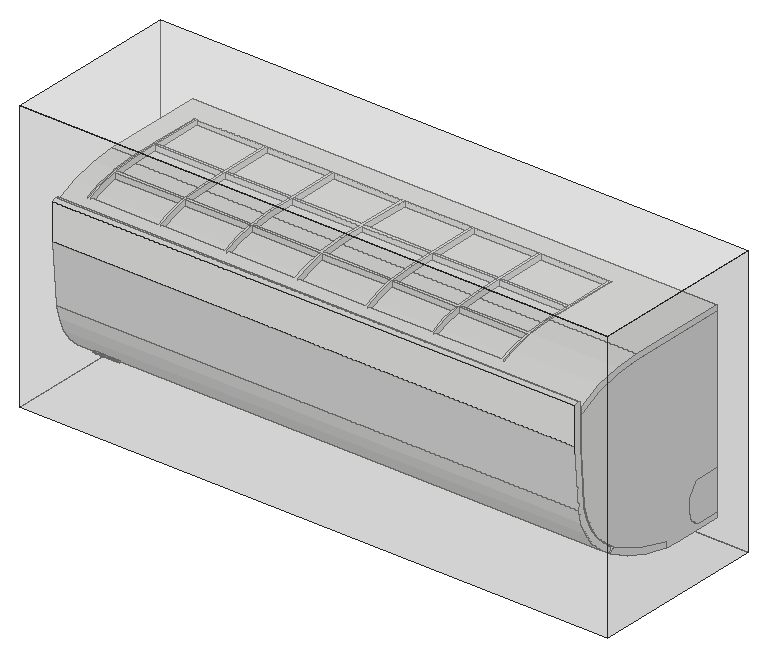
Revit family "outputfile", category 機械設備, Revit 2024
Family settings
  丸型コネクタ寸法 = 半径を使用
  パーツ タイプ = 標準
  OmniClass 番号 = 23.75.10.24.21.27.27
  OmniClass タイトル = Split System Air Conditioning Units
  作業面ベース = いいえ
  常に垂直 = はい
  ロード時にボイドで切り取り = いいえ
  注釈の向きを維持 = いいえ
  共有 = いいえ
  部屋計算ポイント = いいえ
Parameters (values of type "FXAQ32AVMS")
  Description = ""
  製造元 = "Daikin"
  書き出し IFC クラス(タイプ) = "IfcUnitaryEquipmentType"
  定義済み IFC タイプ(タイプ) = "AIRCONDITIONINGUNIT"
  Cost = 0
  モデル = "FXAQ32AVMS"
  Type Comments = ""
  Keynote = ""
  Type Image = (empty or 0)
  Assembly Code = ""
  w3_Indoor air flow = if(Width = 1050.0 mm, 109.0 mm, 1.0 mm)  # 1.0 mm
  w2_Indoor air flow = if(Width = 1050.0 mm, 103.0 mm, 98.0 mm)  # 98.0 mm
  w1_Indoor air flow = if(Width = 1050.0 mm, 108.0 mm, 103.0 mm)  # 103.0 mm
  r_Liquid Pipe Size = Liquid Pipe Size / 2  # 3.2 mm
  r_Gas Pipe Size = Gas Pipe Size / 2  # 6.35 mm
  r_Drain Pipe Size = Drain Pipe Size / 2  # 7.5 mm
  lw_powersupply [instance] = if(Width = 795.0 mm, if(or(Rear Right Connection_refrigerant, Bottom Right Connection_refrigerant), 83.0 mm, if(or(Rear Left Connection_refrigerant, Bottom Left Connection_refrigerant), 740.0 mm, 400.0 mm)), if(Width = 1050.0 mm, if(or(Rear Right Connection_refrigerant, Bottom Right Connection_refrigerant), 83.0 mm, if(or(Rear Left Connection_refrigerant, Bottom Left Connection_refrigerant), 712.0 mm + (1050.0 mm - 795.0 mm), 400.0 mm)), if(or(Rear Right Connection_refrigerant, Bottom Right Connection_refrigerant), 83.0 mm, if(or(Rear Left Connection_refrigerant, Bottom Left Connection_refrigerant), 712.0 mm, 400.0 mm))))  # 400.0 mm
  lw_liquidpipe [instance] = if(Width = 795.0 mm, if(or(Rear Right Connection_refrigerant, Bottom Right Connection_refrigerant), 0.0 mm, if(or(Rear Left Connection_refrigerant, Bottom Left Connection_refrigerant), 627.0 mm, 460.0 mm)), if(Width = 1050.0 mm, if(or(Rear Right Connection_refrigerant, Bottom Right Connection_refrigerant), 0.0 mm, if(or(Rear Left Connection_refrigerant, Bottom Left Connection_refrigerant), 627.0 mm + (1050.0 mm - 795.0 mm), 460.0 mm)), if(or(Rear Right Connection_refrigerant, Bottom Right Connection_refrigerant), 0.0 mm, if(or(Rear Left Connection_refrigerant, Bottom Left Connection_refrigerant), 627.0 mm, 460.0 mm))))  # 460.0 mm
  lw_gaspipe [instance] = if(Width = 795.0 mm, if(or(Rear Right Connection_refrigerant, Bottom Right Connection_refrigerant), 0.0 mm, if(or(Rear Left Connection_refrigerant, Bottom Left Connection_refrigerant), 620.0 mm, 415.0 mm)), if(Width = 1050.0 mm, if(or(Rear Right Connection_refrigerant, Bottom Right Connection_refrigerant), 0.0 mm, if(or(Rear Left Connection_refrigerant, Bottom Left Connection_refrigerant), 620.0 mm + (1050.0 mm - 795.0 mm), 415.0 mm)), if(or(Rear Right Connection_refrigerant, Bottom Right Connection_refrigerant), 0.0 mm, if(or(Rear Left Connection_refrigerant, Bottom Left Connection_refrigerant), 620.0 mm, 415.0 mm))))  # 415.0 mm
  lw_drainpipe [instance] = if(Width = 795.0 mm, if(or(Rear Right Connection_refrigerant, Bottom Right Connection_refrigerant), 0.0 mm, if(or(Rear Left Connection_refrigerant, Bottom Left Connection_refrigerant), 655.0 mm, 475.0 mm)), if(Width = 1050.0 mm, if(or(Rear Right Connection_refrigerant, Bottom Right Connection_refrigerant), 0.0 mm, if(or(Rear Left Connection_refrigerant, Bottom Left Connection_refrigerant), 655.0 mm + (1050.0 mm - 795.0 mm), 475.0 mm)), if(or(Rear Right Connection_refrigerant, Bottom Right Connection_refrigerant), 0.0 mm, if(or(Rear Left Connection_refrigerant, Bottom Left Connection_refrigerant), 655.0 mm, 475.0 mm))))  # 475.0 mm
  l_powersupply_length [instance] = if(Width = 795.0 mm, if(Right Connection_refrigerant, 400.0 mm, if(Left Connection_refrigerant, 395.0 mm, if(or(Rear Left Connection_refrigerant, Rear Right Connection_refrigerant), 15.0 mm, 50.0 mm))), if(Width = 1050.0 mm, if(Right Connection_refrigerant, 400.0 mm, if(Left Connection_refrigerant, 395.0 mm + (1050.0 mm - 795.0 mm), if(or(Rear Left Connection_refrigerant, Rear Right Connection_refrigerant), 15.0 mm, 50.0 mm))), if(Right Connection_refrigerant, 400.0 mm, if(Left Connection_refrigerant, 395.0 mm, if(or(Rear Left Connection_refrigerant, Rear Right Connection_refrigerant), 15.0 mm, 50.0 mm)))))  # 400.0 mm
  l_liquidpipe_length [instance] = if(Width = 795.0 mm, if(Right Connection_refrigerant, 558.0 mm, if(Left Connection_refrigerant, 237.0 mm, if(or(Rear Left Connection_refrigerant, Rear Right Connection_refrigerant), 30.0 mm, 40.0 mm))), if(Width = 1050.0 mm, if(Right Connection_refrigerant, 558.0 mm, if(Left Connection_refrigerant, 237.0 mm + (1050.0 mm - 795.0 mm), if(or(Rear Left Connection_refrigerant, Rear Right Connection_refrigerant), 30.0 mm, 40.0 mm))), if(Right Connection_refrigerant, 558.0 mm, if(Left Connection_refrigerant, 237.0 mm, if(or(Rear Left Connection_refrigerant, Rear Right Connection_refrigerant), 30.0 mm, 40.0 mm)))))  # 558.0 mm
  l_gaspipe_length [instance] = if(Width = 795.0 mm, if(Right Connection_refrigerant, 513.0 mm, if(Left Connection_refrigerant, 282.0 mm, if(or(Rear Left Connection_refrigerant, Rear Right Connection_refrigerant), 40.0 mm, 50.0 mm))), if(Width = 1050.0 mm, if(Right Connection_refrigerant, 513.0 mm, if(Left Connection_refrigerant, 282.0 mm + (1050.0 mm - 795.0 mm), if(or(Rear Left Connection_refrigerant, Rear Right Connection_refrigerant), 40.0 mm, 50.0 mm))), if(Right Connection_refrigerant, 513.0 mm, if(Left Connection_refrigerant, 282.0 mm, if(or(Rear Left Connection_refrigerant, Rear Right Connection_refrigerant), 40.0 mm, 50.0 mm)))))  # 513.0 mm
  l_drainpipe_length [instance] = if(Width = 795.0 mm, if(Right Connection_refrigerant, 573.0 mm, if(Left Connection_refrigerant, 222.0 mm, if(or(Rear Left Connection_refrigerant, Rear Right Connection_refrigerant), 15.0 mm, 20.0 mm))), if(Width = 1050.0 mm, if(Right Connection_refrigerant, 573.0 mm, if(Left Connection_refrigerant, 222.0 mm + (1050.0 mm - 795.0 mm), if(or(Rear Left Connection_refrigerant, Rear Right Connection_refrigerant), 15.0 mm, 20.0 mm))), if(Right Connection_refrigerant, 573.0 mm, if(Left Connection_refrigerant, 477.0 mm, if(or(Rear Left Connection_refrigerant, Rear Right Connection_refrigerant), 15.0 mm, 20.0 mm)))))  # 573.0 mm
  h*** = 0.0 mm  # constant formula
  d1_Indoor air flow = if(Width = 1050.0 mm, 38.0 mm, 35.0 mm)  # 35.0 mm
  angle_vertical [instance] = if(or(Bottom Left Connection_refrigerant, Bottom Right Connection_refrigerant), 0.00°, 90.00°)  # 90.00°
  angle_horizontal [instance] = if(Right Connection_refrigerant, 90.00°, if(Left Connection_refrigerant, -90.00°, if(or(Rear Left Connection_refrigerant, Rear Right Connection_refrigerant), 180.00°, 0.00°)))  # 90.00°
  Width = 795.0 mm
  Voltage_comment_50Hz = "220-240"
  Voltage_50Hz = 230 V
  Version = "ver.1.0"
  Unit Type = "Wall Mounted Type"
  Unit Mass Weight = 12.00 kg
  Unit Designation [instance] = ""
  Uniclass2015Version = "Products v1.30"
  Uniclass2015Title = "Variable refrigerant flow units"
  Uniclass2015Code = "Pr_70_65_03_94"
  URL = ""
  Total Heating Capacity [instance] = 0.000 kW
  Total Cooling Capacity [instance] = 0.000 kW
  Sound Pressure Level_M speed (dBA) = 0
  Sound Pressure Level_L speed (dBA) = 28.5
  Sound Pressure Level_H speed (dBA) = 37.5
  Sound Power Level_H speed (dB) = 0
  Series = "VRV Fan Coil Unit"
  Sensible Cooling Capacity [instance] = 0.000 kW
  Refrigerant Type = "R410A"
  Power Input (Heating) = 0.050 kW
  Power Input (Cooling) = 0.040 kW
  Phase_50Hz = 1
  Option Accessory 3 [instance] = ""
  Option Accessory 2 [instance] = ""
  Option Accessory 1 [instance] = ""
  Nominal Heating Capacity = 4.000 kW
  Nominal Cooling Capacity = 3.600 kW
  Minimum Circuit Amps_50Hz = 0.6 A
  Minimum Airflow = 420.00 m³/h
  Median Airflow = 0.00 m³/h
  Maximum Fuse Amps_50Hz = 15.0 A
  Maximum Airflow = 588.00 m³/h
  Material_Casing = DAIKIN_White_Casing_indoorunit
  Load Classification = HVAC
  Liquid Pipe Size = 6.4 mm
  Link_Nested Family [instance] = ""
  IfcVersion = "0"
  IfcExportType = "AIRCONDITIONINGUNIT"
  IfcExportAs = "IfcUnitaryEquipmentType"
  Height = 290.0 mm
  Heating Entering Wet Bulb Temperature [instance] = 0.00 °C
  Heating Entering Dry Bulb Temperature [instance] = 0.00 °C
  Heating Ambient Wet Bulb Temperature [instance] = 0.00 °C
  Heating Ambient Dry Bulb Temperature [instance] = 0.00 °C
  Heat Exchanger Type = "Cross Fin Coil"
  Gas Pipe Size = 12.7 mm
  Frequency_50Hz = 50 Hz
  Fan Type = "Cross Flow Fan"
  Fan Drive = "Direct Drive"
  FCU Tag No. [instance] = ""
  Drain Pipe Size = 15.0 mm
  Design Supply Airflow [instance] = 0.00 m³/h
  Depth = 266.0 mm
  既定の高さ = 0.0 mm
  Cooling Entering Wet Bulb Temperature [instance] = 0.00 °C
  Cooling Entering Dry Bulb Temperature [instance] = 0.00 °C
  Cooling Ambient Wet Bulb Temperature [instance] = 0.00 °C
  Cooling Ambient Dry Bulb Temperature [instance] = 0.00 °C
  Clearance visibility [instance] = yes
  Clearance Top = 90.0 mm
  Clearance Right = 50.0 mm
  Clearance Rear = 0.0 mm
  Clearance Left = 50.0 mm
  Clearance Front = 0.0 mm
  Clearance Bottom = 30.0 mm
  Bottom Right Connection_refrigerant [instance] = no
  Bottom Left Connection_refrigerant [instance] = no
  Rear Right Connection_refrigerant [instance] = no
  Rear Left Connection_refrigerant [instance] = no
  Right Connection_refrigerant [instance] = yes
  Left Connection_refrigerant [instance] = no
Reference planes
  plane 1 "Back": y = 0
  plane 2: z = 0
  plane 3 "Center (Left/Right)": x = 0
  plane 4 "Center (Front/Back)": y = -133
  plane 5 "Front": y = -266
  plane 6 "Left": x = -397.5
  plane 7 "Right": x = 397.5
  plane 8 "Top": z = 0
  plane 9 "Bottom": z = -290
  plane 10 "Front panel_Left": x = -395.5
  plane 11 "Front panel_Right": x = 395.5
  plane 12: x = 261.5
  plane 13: x = 256.5
  plane 14: x = -445.5
  plane 15: x = 445.5
  plane 16: y = 0
  plane 17: y = -266
  plane 18: z = 90
  plane 19: z = -320
  plane 20: y = -35
  plane 21: y = -111.5
  plane 22: y = -187.5
  plane 23: y = -237
  plane 24: y = -115
  plane 25: y = -191
  plane 26: x = -50
  plane 27: x = -52
  plane 28: x = -48
  plane 29: x = 55
  plane 30: x = -155
  plane 31: x = -158
  plane 32: x = 58
  plane 33: x = -256
  plane 34: x = 156
  plane 35: x = -259
  plane 36: x = 159
  plane 37: x = -362
  plane 38: x = 262
  plane 39: x = -365
  plane 40: x = 265
  plane 41: x = 266
  plane 42: x = -366
  plane 43 "lw_Piping and Wiring intake": x = 299.5
  plane 44 "lw_gaspipe": x = -115.5
  plane 45 "lw_liquidpipe": x = -160.5
  plane 46 "lw_drainpipe": x = -175.5
  plane 47 "lh_drainpipe": z = -270
  plane 48 "lh_liquidpipe": z = -250
  plane 49 "lh_gaspipe": z = -240
  plane 50 "ld_drainpipe": y = -15
  plane 51 "ld_liquidpipe": y = -30
  plane 52 "ld_gaspipe": y = -40
  plane 53 "lw_powersupply": x = -2.5
Forms (mm)
  Extrusion 1, solid, material "DAIKIN_White_Casing_indoorunit" <- "Material_Casing"
    sketch origin (0, 0, 0) x (0, 1, 0) y (0, 0, 1)
      loop
        line (0, 0) -> (-151.682, 0)
        arc (-151.682, 0) -> (-205.302, -6.828) -> (-255.5, -26.876) r 213.958
        line (-255.5, -26.876) -> (-255.5, -36.08)
        arc (-255.5, -36.08) -> (-205.456, -15.144) -> (-151.682, -8) r 205.958
        line (-151.682, -8) -> (0, -8) -> (0, 0)
    from -397.5 to 397.5
  Extrusion 2, solid, material "DAIKIN_White_Casing_indoorunit" <- "Material_Casing"
    sketch origin (0, 0, 0) x (0, 1, 0) y (0, 0, 1)
      loop
        arc (-151.682, -8) -> (-205.456, -15.144) -> (-255.5, -36.08) r 205.958
        line (-255.5, -36.08) -> (-255.5, -86.08)
        arc (-255.5, -86.08) -> (-253.87, -125.667) -> (-248.99, -164.986) r 481.435
        arc (-248.99, -164.986) -> (-230.945, -209.78) -> (-195.65, -242.741) r 111.486
        arc (-195.65, -242.741) -> (-147.09, -265.96) -> (-95.247, -280.433) r 310.126
        line (-95.247, -280.433) -> (-95.247, -288.232)
        arc (-95.247, -288.232) -> (-84.534, -289.557) -> (-73.748, -290) r 131.592
        line (-73.748, -290) -> (0, -290) -> (0, -8) -> (-151.682, -8)
    from -397.5 to 397.5
  Extrusion 3, solid, material "DAIKIN_White_Casing_indoorunit" <- "Material_Casing"
    sketch origin (397.5, 1296.25, 1200) x (0, 1, 0) y (0, 0, 1)
      loop
        line (-1491.901, -1442.741) -> (-1496.494, -1450.482)
        arc (-1496.494, -1450.482) -> (-1447.058, -1474.911) -> (-1393.497, -1488.023) r 252.452
        line (-1393.497, -1488.023) -> (-1393.497, -1480.051)
        arc (-1393.497, -1480.051) -> (-1444.293, -1465.6) -> (-1491.901, -1442.741) r 310.126
    from 0 to -40.5
  Extrusion 4, solid, material "DAIKIN_White_Casing_indoorunit" <- "Material_Casing"
    sketch origin (0, 0, 0) x (0, 1, 0) y (0, 0, 1)
      loop
        line (-257, -76.896) -> (-257, -19.457) -> (-258.688, -19.457)
        arc (-258.688, -19.457) -> (-262.551, -20.17) -> (-266, -22.048) r 12.48
        line (-266, -22.048) -> (-266, -76.896) -> (-257, -76.896)
    from -395.5 to 395.5
  Extrusion 5, solid, material "DAIKIN_White_Casing_indoorunit" <- "Material_Casing"
    sketch origin (0, 0, 0) x (0, 1, 0) y (0, 0, 1)
      loop
        arc (-266, -76.896) -> (-264.342, -121.828) -> (-259.378, -166.517) r 609.735
        line (-259.378, -166.517) -> (-250.471, -165.192)
        arc (-250.471, -165.192) -> (-255.366, -121.165) -> (-257, -76.896) r 600.314
        line (-257, -76.896) -> (-266, -76.896)
    from -395.5 to 395.5
  Extrusion 6, solid, material "DAIKIN_White_Casing_indoorunit" <- "Material_Casing"
    sketch origin (0, 0, 0) x (0, 1, 0) y (0, 0, 1)
      loop
        arc (-259.378, -166.517) -> (-240.331, -214.672) -> (-201.947, -249.433) r 114
        line (-201.947, -249.433) -> (-197.324, -241.643)
        arc (-197.324, -241.643) -> (-232.845, -209.638) -> (-250.471, -165.192) r 104.894
        line (-250.471, -165.192) -> (-259.378, -166.517)
    from -395.5 to 395.5
  Extrusion 7, solid, material "DAIKIN_White_Casing_indoorunit" <- "Material_Casing"
    sketch origin (-397.5, 1296.25, 1200) x (0, 1, 0) y (0, 0, 1)
      loop
        arc (-1496.494, -1450.482) -> (-1447.058, -1474.911) -> (-1393.497, -1488.023) r 252.452
        line (-1393.497, -1488.023) -> (-1393.497, -1480.051)
        arc (-1393.497, -1480.051) -> (-1444.293, -1465.6) -> (-1491.901, -1442.741) r 310.126
        line (-1491.901, -1442.741) -> (-1496.494, -1450.482)
    from 0 to 40.5
  Extrusion 8, solid, material "DAIKIN_White_Casing_indoorunit" <- "Material_Casing"
    sketch origin (0, 0, 0) x (0, 1, 0) y (0, 0, 1)
      loop
        arc (-133.049, -280.649) -> (-115.282, -284.985) -> (-97.247, -288.023) r 252.452
        line (-97.247, -288.023) -> (-97.247, -280.051)
        arc (-97.247, -280.051) -> (-113.907, -276.335) -> (-130.338, -271.708) r 310.126
        line (-130.338, -271.708) -> (-133.049, -280.649)
    from -357 to 357
  Extrusion 9, solid, material "DAIKIN_White_Casing_indoorunit" <- "Material_Casing"
    sketch origin (261.5, -1524, 1789.769) x (0, 0, 1) y (0, -1, 0)
      loop
        line (-2032.51, -1328.35) -> (-2040.251, -1323.756)
        arc (-2040.251, -1323.756) -> (-2050.358, -1341.058) -> (-2059.061, -1359.107) r 252.452
        line (-2059.061, -1359.107) -> (-2050.603, -1364.126)
        arc (-2050.603, -1364.126) -> (-2042.135, -1345.945) -> (-2032.51, -1328.35) r 310.126
    from 0 to 95.5
  Extrusion 10, solid, material "DAIKIN_White_Casing_indoorunit" <- "Material_Casing"
    sketch origin (261.5, -1524, 1789.769) x (0, 0, 1) y (0, -1, 0)
      loop
        arc (-2059.061, -1359.107) -> (-2065.273, -1374.839) -> (-2070.418, -1390.951) r 252.452
        line (-2070.418, -1390.951) -> (-2061.477, -1393.662)
        arc (-2061.477, -1393.662) -> (-2056.415, -1378.756) -> (-2050.603, -1364.126) r 310.126
        line (-2050.603, -1364.126) -> (-2059.061, -1359.107)
    from 0 to 95.5
  Extrusion 11, solid, material "DAIKIN_White_Casing_indoorunit" <- "Material_Casing"
    sketch origin (256.5, -1524, 1089.438) x (0, 0, 1) y (0, -1, 0)
      loop
        arc (-1350.272, -1364.126) -> (-1341.805, -1345.945) -> (-1332.179, -1328.35) r 310.126
        line (-1332.179, -1328.35) -> (-1339.92, -1323.756)
        arc (-1339.92, -1323.756) -> (-1350.027, -1341.058) -> (-1358.73, -1359.107) r 252.452
        line (-1358.73, -1359.107) -> (-1350.272, -1364.126)
    from 0 to -613.5
  Extrusion 12, solid, material "DAIKIN_White_Casing_indoorunit" <- "Material_Casing"
    sketch origin (256.5, -1524, 1089.438) x (0, 0, 1) y (0, -1, 0)
      loop
        arc (-1361.147, -1393.662) -> (-1356.085, -1378.756) -> (-1350.272, -1364.126) r 310.126
        line (-1350.272, -1364.126) -> (-1358.73, -1359.107)
        arc (-1358.73, -1359.107) -> (-1364.943, -1374.839) -> (-1370.087, -1390.951) r 252.452
        line (-1370.087, -1390.951) -> (-1361.147, -1393.662)
    from 0 to -613.5
  Extrusion 13, void
    sketch origin (0, 0, 0) x (-1, 0, 0) y (0, -1, 0)
      loop
        line (48, 35) -> (48, 111.5) -> (-55, 111.5) -> (-55, 35) -> (48, 35)
      loop
        line (-58, 35) -> (-58, 111.5) -> (-156, 111.5) -> (-156, 35) -> (-58, 35)
      loop
        line (-159, 35) -> (-159, 111.5) -> (-262, 111.5) -> (-262, 35) -> (-159, 35)
      loop
        line (-265, 35) -> (-265, 111.5) -> (-266, 111.5) -> (-266, 35) -> (-265, 35)
      loop
        line (155, 35) -> (155, 111.5) -> (52, 111.5) -> (52, 35) -> (155, 35)
      loop
        line (-265, 115) -> (-265, 187.5) -> (-266, 187.5) -> (-266, 115) -> (-265, 115)
      loop
        line (-265, 191) -> (-265, 237) -> (-266, 237) -> (-266, 191) -> (-265, 191)
      loop
        line (-159, 237) -> (-262, 237) -> (-262, 191) -> (-159, 191) -> (-159, 237)
      loop
        line (-58, 237) -> (-156, 237) -> (-156, 191) -> (-58, 191) -> (-58, 237)
      loop
        line (-55, 191) -> (48, 191) -> (48, 237) -> (-55, 237) -> (-55, 191)
      loop
        line (155, 237) -> (52, 237) -> (52, 191) -> (155, 191) -> (155, 237)
      loop
        line (256, 237) -> (158, 237) -> (158, 191) -> (256, 191) -> (256, 237)
      loop
        line (362, 237) -> (259, 237) -> (259, 191) -> (362, 191) -> (362, 237)
      loop
        line (158, 35) -> (256, 35) -> (256, 111.5) -> (158, 111.5) -> (158, 35)
      loop
        line (259, 35) -> (362, 35) -> (362, 111.5) -> (259, 111.5) -> (259, 35)
      loop
        line (362, 115) -> (362, 187.5) -> (259, 187.5) -> (259, 115) -> (362, 115)
      loop
        line (256, 115) -> (256, 187.5) -> (158, 187.5) -> (158, 115) -> (256, 115)
      loop
        line (155, 115) -> (155, 187.5) -> (52, 187.5) -> (52, 115) -> (155, 115)
      loop
        line (48, 115) -> (48, 187.5) -> (-55, 187.5) -> (-55, 115) -> (48, 115)
      loop
        line (-58, 115) -> (-58, 187.5) -> (-156, 187.5) -> (-156, 115) -> (-58, 115)
      loop
        line (-159, 115) -> (-159, 187.5) -> (-262, 187.5) -> (-262, 115) -> (-159, 115)
      loop
        line (365, 35) -> (366, 35) -> (366, 111.5) -> (365, 111.5) -> (365, 35)
      loop
        line (366, 115) -> (366, 187.5) -> (365, 187.5) -> (365, 115) -> (366, 115)
      loop
        line (366, 237) -> (365, 237) -> (365, 191) -> (366, 191) -> (366, 237)
    from 2 to -30
  Extrusion 14, solid, material "DAIKIN_White_Casing_indoorunit" <- "Material_Casing"
    sketch origin (0, 0, 0) x (1, 0, 0) y (0, 0, 1)
      loop
        circle (299.5, -246) r 40
      loop
        circle (-337.5, -246) r 40
    from 0 to 5
  Extrusion 15, solid, material "DAIKIN_White_Casing_indoorunit" <- "Material_Casing"
    sketch origin (397.5, 1296.25, 1200) x (0, -1, 0) y (0, 0, 1)
      loop
        line (1326.25, -1422) -> (1296.25, -1422) -> (1296.25, -1482) -> (1326.25, -1482)
        arc (1326.25, -1482) -> (1340.393, -1476.142) -> (1346.25, -1462) r 20
        line (1346.25, -1462) -> (1346.25, -1442)
        arc (1346.25, -1442) -> (1340.393, -1427.858) -> (1326.25, -1422) r 20
    from 0 to 5
  Extrusion 16, solid, material "DAIKIN_White_Casing_indoorunit" <- "Material_Casing"
    sketch origin (-397.5, 1296.25, 1200) x (0, 1, 0) y (0, 0, 1)
      loop
        line (-1296.25, -1422) -> (-1326.25, -1422)
        arc (-1326.25, -1422) -> (-1340.393, -1427.858) -> (-1346.25, -1442) r 20
        line (-1346.25, -1442) -> (-1346.25, -1462)
        arc (-1346.25, -1462) -> (-1340.393, -1476.142) -> (-1326.25, -1482) r 20
        line (-1326.25, -1482) -> (-1296.25, -1482) -> (-1296.25, -1422)
    from 0 to 5
  Extrusion 17, solid, material "DAIKIN_White_Casing_indoorunit" <- "Material_Casing"
    sketch origin (0, 0, -290) x (-1, 0, 0) y (0, -1, 0)
      loop
        line (-269.5, 0) -> (-269.5, 30)
        arc (-269.5, 30) -> (-275.358, 44.142) -> (-289.5, 50) r 20
        line (-289.5, 50) -> (-309.5, 50)
        arc (-309.5, 50) -> (-323.642, 44.142) -> (-329.5, 30) r 20
        line (-329.5, 30) -> (-329.5, 0) -> (-269.5, 0)
      loop
        line (367.5, 0) -> (367.5, 30)
        arc (367.5, 30) -> (361.642, 44.142) -> (347.5, 50) r 20
        line (347.5, 50) -> (327.5, 50)
        arc (327.5, 50) -> (313.358, 44.142) -> (307.5, 30) r 20
        line (307.5, 30) -> (307.5, 0) -> (367.5, 0)
    from 0 to 5
Cuts and joins
  joined: Extrusion 4, Extrusion 5, Extrusion 6
  joined: Extrusion 3, Extrusion 7, Extrusion 8
  Extrusion 13 cuts Extrusion 1
Lines and regions (mm)
  reference lines
    curve 1: line (-395.5, -227.394, -229.966) -> (-395.5, -220.117, -236.824)
Dimensions and locks
  equal spacing: plane 6 "Left", plane 3 "Center (Left/Right)", plane 7 "Right"
  "Width": plane 6 "Left" to plane 7 "Right"
  equal spacing: plane 5 "Front", plane 4 "Center (Front/Back)", plane 1 "Back"
  "Depth": plane 5 "Front" to plane 1 "Back"
  "Height": plane 8 "Top" to plane 9 "Bottom"
  locked: Extrusion 1 sketch curve to Extrusion 1 sketch curve at 8
  locked: Extrusion 2 sketch curve to plane 1 "Back" at 73.748
  locked: Extrusion 3 sketch curve to plane 1 "Back" at 97.247
  locked: Extrusion 4 sketch curve to Extrusion 4 sketch curve at 9
  locked: plane 8 "Top" to Extrusion 4 sketch curve at 19.457
  locked: plane 5 "Front" to Extrusion 6 sketch curve at 6.622
  locked: plane 5 "Front" to Extrusion 6 sketch curve at 15.529
  locked: plane 10 "Front panel_Left" to plane 6 "Left" at 2
  locked: plane 7 "Right" to plane 11 "Front panel_Right" at 2
  locked: cut or joined group of Extrusion 3, Extrusion 7, Extrusion 8 to Extrusion 9 sketch curve at 40
  locked: plane 7 "Right" to plane 12 at 136
  locked: plane 12 to plane 13 at 5
  "Clearance Left": plane 14 to plane 10 "Front panel_Left"
  "Clearance Right": plane 11 "Front panel_Right" to plane 15
  "Clearance Rear": plane 16 to plane 1 "Back"
  "Clearance Front": plane 17 to plane 5 "Front"
  "Clearance Top": plane 18 to plane 8 "Top"
  "Clearance Bottom": plane 9 "Bottom" to plane 19
  locked: nested 2 to plane 10 "Front panel_Left" at 50
  "d1_Indoor air flow": plane 20 to plane 1 "Back"
  locked: plane 20 to plane 21 at 76.5
  locked: plane 21 to plane 24 at 3.5
  locked: plane 24 to plane 22 at 72.5
  locked: plane 22 to plane 25 at 3.5
  locked: plane 25 to plane 23 at 46
  locked: plane 26 to plane 3 "Center (Left/Right)" at 50
  equal spacing: plane 27, plane 26, plane 28
  locked: plane 27 to plane 28 at 4
  "w1_Indoor air flow": plane 28 to plane 29
  "w1_Indoor air flow": plane 30 to plane 27
  locked: plane 31 to plane 30 at 3
  locked: plane 29 to plane 32 at 3
  "w2_Indoor air flow": plane 33 to plane 31
  "w2_Indoor air flow": plane 32 to plane 34
  locked: plane 35 to plane 33 at 3
  locked: plane 34 to plane 36 at 3
  locked: plane 37 to plane 35 at 103
  locked: plane 36 to plane 38 at 103
  locked: plane 39 to plane 37 at 3
  locked: plane 38 to plane 40 at 3
  "w3_Indoor air flow": plane 40 to plane 41
  "w3_Indoor air flow": plane 42 to plane 39
  locked: plane 9 "Bottom" to Extrusion 14 sketch curve at 44  (x2)
  locked: Extrusion 14 sketch curve to plane 6 "Left" at 60
  locked: plane 7 "Right" to Extrusion 14 sketch curve at 98
  locked: plane 43 "lw_Piping and Wiring intake" to plane 7 "Right" at 98
  "lw_gaspipe": plane 44 "lw_gaspipe" to plane 43 "lw_Piping and Wiring intake"
  "lw_liquidpipe": plane 45 "lw_liquidpipe" to plane 43 "lw_Piping and Wiring intake"
  "lw_drainpipe": plane 46 "lw_drainpipe" to plane 43 "lw_Piping and Wiring intake"
  locked: plane 47 "lh_drainpipe" to plane 9 "Bottom" at 20
  locked: plane 48 "lh_liquidpipe" to plane 9 "Bottom" at 40
  locked: plane 49 "lh_gaspipe" to plane 9 "Bottom" at 50
  locked: plane 50 "ld_drainpipe" to plane 1 "Back" at 15
  locked: plane 1 "Back" to plane 51 "ld_liquidpipe" at 30
  locked: plane 1 "Back" to plane 52 "ld_gaspipe" at 40
  Extrusion 15 sketch curve to Extrusion 15 sketch curve to plane 9 "Bottom" = 60.0 mm locked, 8.0 mm locked
  locked: Extrusion 15 sketch curve to Extrusion 15 sketch curve at 50
  locked: Extrusion 17 sketch curve to Extrusion 17 sketch curve at 60  (x2)
  locked: Extrusion 17 sketch curve to Extrusion 17 sketch curve at 50
  locked: Extrusion 17 sketch curve to plane 43 "lw_Piping and Wiring intake" at 30
  locked: plane 6 "Left" to Extrusion 17 sketch curve at 30
  "lw_powersupply": plane 53 "lw_powersupply" to plane 7 "Right"
  radius of Extrusion 5 sketch curve = 609.735 mm
  radius of Extrusion 5 sketch curve = 600.314 mm
  aligned and locked: level to plane 2
  aligned and locked: plane 8 "Top" to Extrusion 1 sketch curve
  aligned and locked: plane 1 "Back" to Extrusion 1 sketch curve
  aligned and locked: Extrusion 1 to plane 6 "Left"
  aligned and locked: plane 7 "Right" to Extrusion 1
  aligned and locked: Extrusion 2 sketch curve to Extrusion 1
  aligned and locked: Extrusion 1 to Extrusion 2 sketch curve
  aligned and locked: plane 1 "Back" to Extrusion 2 sketch curve
  aligned and locked: Extrusion 2 sketch curve to plane 9 "Bottom"
  aligned and locked: Extrusion 2 to plane 6 "Left"
  aligned and locked: plane 7 "Right" to Extrusion 2
  aligned and locked: Extrusion 3 sketch curve to Extrusion 2
  aligned and locked: plane 5 "Front" to Extrusion 4 sketch curve
  aligned and locked: Extrusion 5 sketch curve to Extrusion 4
  aligned and locked: Extrusion 6 sketch curve to Extrusion 5
  aligned and locked: cut or joined group of Extrusion 4, Extrusion 5, Extrusion 6 to plane 11 "Front panel_Right"  (x3)
  aligned and locked: plane 10 "Front panel_Left" to cut or joined group of Extrusion 4, Extrusion 5, Extrusion 6  (x3)
  aligned and locked: Extrusion 7 sketch curve to Extrusion 3  (x4)
  aligned and locked: Extrusion 8 sketch curve to Extrusion 3  (x3)
  aligned and locked: Extrusion 8 to Extrusion 3
  aligned and locked: Extrusion 8 to Extrusion 7
  aligned and locked: Extrusion 9 sketch curve to cut or joined group of Extrusion 3, Extrusion 7, Extrusion 8  (x3)
  aligned and locked: Extrusion 10 sketch curve to cut or joined group of Extrusion 3, Extrusion 7, Extrusion 8  (x3)
  aligned and locked: Extrusion 10 sketch curve to Extrusion 9
  aligned and locked: Extrusion 9 to cut or joined group of Extrusion 3, Extrusion 7, Extrusion 8
  aligned and locked: Extrusion 10 to cut or joined group of Extrusion 3, Extrusion 7, Extrusion 8
  aligned and locked: Extrusion 11 sketch curve to Extrusion 9  (x4)
  aligned and locked: Extrusion 11 to cut or joined group of Extrusion 3, Extrusion 7, Extrusion 8
  aligned and locked: Extrusion 12 sketch curve to Extrusion 10  (x4)
  aligned and locked: Extrusion 12 to cut or joined group of Extrusion 3, Extrusion 7, Extrusion 8
  aligned and locked: plane 16 to nested 1
  aligned and locked: nested 1 to plane 17
  aligned and locked: plane 14 to nested 1
  aligned and locked: plane 15 to nested 1
  aligned and locked: plane 19 to nested 1
  aligned and locked: plane 18 to nested 1
  aligned and locked: nested 2 to curve 1
  aligned and locked: Extrusion 13 sketch curve to plane 20  (x5)
  aligned and locked: plane 28 to Extrusion 13 sketch curve  (x2)
  aligned and locked: plane 21 to Extrusion 13 sketch curve  (x5)
  aligned and locked: Extrusion 13 sketch curve to plane 29  (x2)
  aligned and locked: plane 32 to Extrusion 13 sketch curve  (x2)
  aligned and locked: Extrusion 13 sketch curve to plane 34  (x2)
  aligned and locked: plane 36 to Extrusion 13 sketch curve  (x2)
  aligned and locked: Extrusion 13 sketch curve to plane 38  (x2)
  aligned and locked: plane 40 to Extrusion 13 sketch curve  (x3)
  aligned and locked: Extrusion 13 sketch curve to plane 41  (x3)
  aligned and locked: plane 30 to Extrusion 13 sketch curve  (x2)
  aligned and locked: Extrusion 13 sketch curve to plane 27  (x2)
  aligned and locked: Extrusion 13 sketch curve to plane 24  (x8)
  aligned and locked: plane 22 to Extrusion 13 sketch curve  (x8)
  aligned and locked: Extrusion 13 sketch curve to plane 25
  aligned and locked: plane 23 to Extrusion 13 sketch curve
  aligned and locked: Extrusion 13 sketch curve to plane 23  (x7)
  aligned and locked: Extrusion 13 sketch curve to plane 36
  aligned and locked: plane 25 to Extrusion 13 sketch curve  (x7)
  aligned and locked: plane 38 to Extrusion 13 sketch curve
  aligned and locked: Extrusion 13 sketch curve to plane 32
  aligned and locked: plane 34 to Extrusion 13 sketch curve
  aligned and locked: plane 29 to Extrusion 13 sketch curve
  aligned and locked: Extrusion 13 sketch curve to plane 28
  aligned and locked: Extrusion 13 sketch curve to plane 30
  aligned and locked: plane 27 to Extrusion 13 sketch curve
  aligned and locked: Extrusion 13 sketch curve to plane 33  (x2)
  aligned and locked: plane 31 to Extrusion 13 sketch curve  (x2)
  aligned and locked: Extrusion 13 sketch curve to plane 37  (x2)
  aligned and locked: plane 35 to Extrusion 13 sketch curve  (x2)
  aligned and locked: plane 20 to Extrusion 13 sketch curve  (x3)
  aligned and locked: Extrusion 13 sketch curve to plane 21  (x3)
  aligned and locked: plane 37 to Extrusion 13 sketch curve
  aligned and locked: Extrusion 13 sketch curve to plane 35
  aligned and locked: plane 33 to Extrusion 13 sketch curve
  aligned and locked: Extrusion 13 sketch curve to plane 31
  aligned and locked: plane 39 to Extrusion 13 sketch curve  (x2)
  aligned and locked: Extrusion 13 sketch curve to plane 42  (x2)
  aligned and locked: plane 42 to Extrusion 13 sketch curve
  aligned and locked: Extrusion 13 sketch curve to plane 39
  aligned and locked: plane 1 "Back" to Extrusion 15 sketch curve
  aligned and locked: Extrusion 16 sketch curve to Extrusion 15  (x4)
  aligned and locked: Extrusion 17 sketch curve to Extrusion 17 sketch curve  (x2)
  aligned and locked: plane 1 "Back" to Extrusion 17 sketch curve
  aligned and locked: plane 44 "lw_gaspipe" to nested 3
  aligned and locked: nested 3 to plane 52 "ld_gaspipe"
  aligned and locked: plane 45 "lw_liquidpipe" to nested 4
  aligned and locked: nested 4 to plane 51 "ld_liquidpipe"
  aligned and locked: plane 46 "lw_drainpipe" to nested 5
  aligned and locked: nested 5 to plane 50 "ld_drainpipe"
  aligned and locked: nested 6 to plane 50 "ld_drainpipe"
  aligned and locked: plane 53 "lw_powersupply" to nested 6
  aligned and locked: level to plane 8 "Top"
Automatic sketch dimensions
  Extrusion 1 sketch curve to plane 8 "Top" = 0.0 mm
  Extrusion 1 sketch curve to plane 4 "Center (Front/Back)" = 18.682 mm
  Extrusion 1 sketch curve to Extrusion 1 sketch curve = 9.205 mm
  Extrusion 1 sketch curve to Extrusion 1 sketch curve = 0.0 mm  (x3)
  Extrusion 1 sketch curve to plane 5 "Front" = 10.5 mm
  Extrusion 2 sketch curve to plane 4 "Center (Front/Back)" = 6.011 mm
  plane 9 "Bottom" to Extrusion 2 sketch curve = 9.567 mm
  Extrusion 2 sketch curve to Extrusion 2 sketch curve = 21.499 mm
  plane 1 "Back" to Extrusion 2 sketch curve = 38.095 mm
  Extrusion 2 sketch curve to plane 8 "Top" = 86.08 mm
  Extrusion 2 sketch curve to Extrusion 2 sketch curve = 7.799 mm
  Extrusion 2 sketch curve to Extrusion 2 sketch curve = 11.695 mm
  plane 8 "Top" to Extrusion 2 sketch curve = 24.382 mm
  Extrusion 2 sketch curve to Extrusion 2 sketch curve = 0.0 mm  (x2)
  Extrusion 4 sketch curve to Extrusion 4 sketch curve = 1.688 mm
  Extrusion 4 sketch curve to plane 5 "Front" = 7.618 mm
  Extrusion 4 sketch curve to Extrusion 4 sketch curve = 12.476 mm
  Extrusion 4 sketch curve to Extrusion 4 sketch curve = 44.963 mm
  Extrusion 5 sketch curve to Extrusion 5 sketch curve = 0.421 mm
  Extrusion 5 sketch curve to plane 5 "Front" = 6.622 mm
  Extrusion 5 sketch curve to Extrusion 5 sketch curve = 8.907 mm
  Extrusion 5 sketch curve to plane 5 "Front" = 0.0 mm
  plane 9 "Bottom" to Extrusion 6 sketch curve = 40.567 mm
  Extrusion 6 sketch curve to Extrusion 6 sketch curve = 4.622 mm
  Extrusion 6 sketch curve to Extrusion 6 sketch curve = 0.102 mm
  Extrusion 6 sketch curve to Extrusion 6 sketch curve = 0.003 mm
  Extrusion 6 sketch curve to Extrusion 6 sketch curve = 48.524 mm
  Extrusion 6 sketch curve to Extrusion 6 sketch curve = 50.607 mm
  plane 9 "Bottom" to Extrusion 3 sketch curve = 47.259 mm
  Extrusion 3 sketch curve to Extrusion 3 sketch curve = 4.593 mm
  plane 1 "Back" to Extrusion 3 sketch curve = 64.356 mm
  plane 9 "Bottom" to Extrusion 3 sketch curve = 1.977 mm
  Extrusion 3 sketch curve to Extrusion 3 sketch curve = 7.741 mm
  plane 4 "Center (Front/Back)" to Extrusion 8 sketch curve = 2.662 mm
  Extrusion 8 sketch curve to plane 4 "Center (Front/Back)" = 0.049 mm
  plane 9 "Bottom" to curve 1 = 53.176 mm
  curve 1 to plane 5 "Front" = 45.883 mm
  curve 1 to curve 1 = 6.859 mm
  curve 1 to curve 1 = 7.277 mm
  Extrusion 15 sketch curve to plane 51 "ld_liquidpipe" = 0.0 mm  (x2)
  Extrusion 17 sketch curve to plane 51 "ld_liquidpipe" = 0.0 mm  (x4)
  radius of Extrusion 14 sketch curve = 40.0 mm  (x2)
Nested families
  nested 1: "daikin_clearancespace" at (0, -133, -114.881), show <- "Clearance visibility", visible <- "Clearance visibility", Link_Nested Family <- "Link_Nested Family", type "daikin_clearancespace"
    with width 891.0 mm, show yes, height 410.0 mm, depth 266.0 mm, Link_Nested Family ""
  nested 2: "daikin_logo_plane_w40" at (-345.5, -227.722, -229.657) x (1, 0, 0) z (0, -0.6859, -0.7277), type "daikin_logo_plane_w40"
    with show_logo yes
  nested 3: "daikin_connector_rotate3" at (-115.5, -40, -240), angle_vertical <- "angle_vertical", angle_horizontal <- "angle_horizontal", length <- "l_gaspipe_length", radius <- "r_Gas Pipe Size", type "daikin_connector_rotate3"
    with show no, radius 6.35 mm, length 513.0 mm, angle_vertical 90.00°, angle_horizontal 90.00°
  nested 4: "daikin_connector_rotate3" at (-160.5, -30, -250), angle_vertical <- "angle_vertical", angle_horizontal <- "angle_horizontal", radius <- "r_Liquid Pipe Size", length <- "l_liquidpipe_length", type "daikin_connector_rotate3"
    with show no, radius 3.2 mm, length 558.0 mm, angle_vertical 90.00°, angle_horizontal 90.00°
  nested 5: "daikin_connector_rotate3" at (-175.5, -15, -270), angle_vertical <- "angle_vertical", angle_horizontal <- "angle_horizontal", length <- "l_drainpipe_length", radius <- "r_Drain Pipe Size", type "daikin_connector_rotate3"
    with show no, radius 7.5 mm, length 573.0 mm, angle_vertical 90.00°, angle_horizontal 90.00°
  nested 6: "daikin_connector_rotate3" at (-2.5, -15, -240), angle_vertical <- "angle_vertical", angle_horizontal <- "angle_horizontal", length <- "l_powersupply_length", type "daikin_connector_rotate3"
    with show no, radius 10.0 mm, length 400.0 mm, angle_vertical 90.00°, angle_horizontal 90.00°
Connectors
  piping at (397.5, -40, -240), diameter 12.7, driven by "r_Gas Pipe Size"
    settings: on nested 3, index 1, connector inside diameter 609.6 mm, connector length 0.0 mm, flow factor 0, pipe flow 0.00 m³/h, pressure drop 0.0 Pa, fitting loss kfactor 0, connector angle 0.00°, fixture units 0, engagement length 0.0 mm, angle of deflection 0.00°, flow configuration 1, flow direction 2, fitting loss method 0, system type 29, joint type 0, gender type 0, connector reference index -1, connector utility 0, adjustable connector no, is connector primary yes, connector description "Refrigerant Gas Piping"
  piping at (397.5, -30, -250), diameter 6.4, driven by "r_Liquid Pipe Size"
    settings: on nested 4, index 2, connector inside diameter 609.6 mm, connector length 0.0 mm, flow factor 0, pipe flow 0.00 m³/h, pressure drop 0.0 Pa, fitting loss kfactor 0, connector angle 0.00°, fixture units 0, engagement length 0.0 mm, angle of deflection 0.00°, flow configuration 1, flow direction 1, fitting loss method 0, system type 29, joint type 0, gender type 0, connector reference index -1, connector utility 0, adjustable connector no, is connector primary no, connector description "Refrigerant Liquid Piping"
  piping at (397.5, -15, -270), diameter 15, driven by "r_Drain Pipe Size"
    settings: on nested 5, index 3, connector inside diameter 609.6 mm, connector length 0.0 mm, flow factor 0, pipe flow 0.00 m³/h, pressure drop 0.0 Pa, fitting loss kfactor 0, connector angle 0.00°, fixture units 0, engagement length 0.0 mm, angle of deflection 0.00°, flow configuration 1, flow direction 2, fitting loss method 4, system type 16, joint type 0, gender type 0, connector reference index -1, connector utility 0, adjustable connector no, is connector primary no, connector description "Condensate Drain Piping"
  electrical at (397.5, -15, -240), driven by "Load Classification"
    settings: on nested 6, index 4, voltage 0 V, apparent load 0 VA, apparent load phase1 0 VA, apparent load phase2 0 VA, apparent load phase3 0 VA, power factor 1, load classification "HVAC", number of poles 1, system type 30, power factor state 1, is connector primary yes, connector utility no, sub classification motor no, connector description "Power Supply"
Definition of nested family "daikin_clearancespace"
  Parameters (values of type "daikin_clearancespace")
    Description = "daikin_clearancespace"
    width [instance] = 1823.963 mm
    show [instance] = yes
    material = none
    height [instance] = 1359.762 mm
    depth [instance] = 880.0 mm
    Default Elevation = 0.0 mm
    Link_Nested Family [instance] = ""
  Reference planes
    plane 1 "Center (Front/Back)": y = 0
    plane 2 "Center (Elevation)": z = -0.119
    plane 3 "Center (Left/Right)": x = 0
    plane 4: y = 440
    plane 5: y = -440
    plane 6 "Right": x = 911.982
    plane 7 "Left": x = -911.982
    plane 8 "Top": z = 679.762
    plane 9 "Bottom": z = -680
  Forms (mm)
    Extrusion 1, solid, material <- "material", visible <- "show"
      sketch origin (0, 0, 0) x (1, 0, 0) y (0, 1, 0)
        loop
          line (-911.982, 440) -> (-911.982, -440) -> (911.982, -440) -> (911.982, 440) -> (-911.982, 440)
      from -680 to 679.762
  Lines and regions (mm)
    symbolic lines, visible <- "show"
      curve 1: line (911.982, 440, 0) -> (-911.982, 440, 0)
      curve 2: line (-911.982, 440, 0) -> (-911.982, -440, 0)
      curve 3: line (-911.982, -440, 0) -> (911.982, -440, 0)
      curve 4: line (911.982, -440, 0) -> (911.982, 440, 0)
      curve 5: line (911.982, 0, 679.762) -> (-911.982, 0, 679.762)
      curve 6: line (911.982, 0, -680) -> (911.982, 0, 679.762)
      curve 7: line (-911.982, 0, -680) -> (911.982, 0, -680)
      curve 8: line (-911.982, 0, 679.762) -> (-911.982, 0, -680)
      curve 9: line (0, 440, 679.762) -> (0, -440, 679.762)
      curve 10: line (0, -440, 679.762) -> (0, -440, -680)
      curve 11: line (0, 440, -680) -> (0, 440, 679.762)
      curve 12: line (0, -440, -680) -> (0, 440, -680)
  Dimensions and locks
    "width": plane 7 "Left" to plane 6 "Right"
    "depth": plane 4 to plane 5
    "height": plane 8 "Top" to plane 9 "Bottom"
    equal spacing: plane 7 "Left", plane 3 "Center (Left/Right)", plane 6 "Right"
    equal spacing: plane 4, plane 1 "Center (Front/Back)", plane 5
    equal spacing: plane 8 "Top", plane 2 "Center (Elevation)", plane 9 "Bottom"
    aligned and locked: level to plane 2 "Center (Elevation)"
    aligned and locked: Extrusion 1 sketch curve to plane 4
    aligned and locked: plane 7 "Left" to Extrusion 1 sketch curve
    aligned and locked: Extrusion 1 sketch curve to plane 5
    aligned and locked: Extrusion 1 sketch curve to plane 6 "Right"
    aligned and locked: plane 8 "Top" to Extrusion 1
    aligned and locked: curve 1 to Extrusion 1
    aligned and locked: curve 2 to Extrusion 1
    aligned and locked: curve 3 to Extrusion 1
    aligned and locked: curve 4 to Extrusion 1
    aligned and locked: curve 5 to Extrusion 1
    aligned and locked: curve 6 to Extrusion 1
    aligned and locked: curve 7 to Extrusion 1
    aligned and locked: curve 8 to Extrusion 1
    aligned and locked: curve 9 to Extrusion 1
    aligned and locked: curve 10 to Extrusion 1
    aligned and locked: curve 11 to Extrusion 1
    aligned and locked: curve 12 to Extrusion 1
    aligned and locked: Extrusion 1 to plane 9 "Bottom"
Definition of nested family "daikin_logo_plane_w40"
  Parameters (values of type "daikin_logo_plane_w40")
    width = 40.0 mm
    show_logo [instance] = yes
    material = none
    height = 0.0 mm
    depth = 0.0 mm
    Default Elevation = 1219.2 mm
  Reference planes
    plane 1 "Center (Front/Back)": y = 0
    plane 2: z = 0
    plane 3 "Center (Left/Right)": x = 0
    plane 4: z = 2
    plane 5 "left": x = -19
    plane 6: x = 19
  Forms (mm)
    Extrusion 1, solid, visible <- "show_logo"
      sketch origin (-19, 0, 0) x (1, 0, 0) y (0, 1, 0)
        loop
          line (8.902, -1.878) -> (7.789, -6.332) -> (11.13, -6.332)
          arc (11.13, -6.332) -> (12.454, -6.064) -> (13.472, -5.176) r 2.642
          arc (13.472, -5.176) -> (13.92, -4.02) -> (13.767, -2.79) r 2.537
          arc (13.767, -2.79) -> (13.452, -2.342) -> (12.982, -2.06) r 1.321
          arc (12.982, -2.06) -> (12.063, -1.902) -> (11.13, -1.878) r 6.479
          line (11.13, -1.878) -> (8.902, -1.878)
        loop
          line (10.016, -5.441) -> (10.907, -5.441)
          arc (10.907, -5.441) -> (11.591, -4.983) -> (11.988, -4.261) r 1.742
          spline (11.988, -4.261) -> (12.01, -4.155) -> (12.027, -4.03) -> (12.037, -3.893) -> (12.037, -3.747) -> (12.026, -3.598) -> (12.002, -3.451) -> (11.962, -3.31) -> (11.905, -3.181) -> (11.829, -3.069) -> (11.731, -2.978) -> (11.61, -2.913) -> (11.464, -2.88)
          line (11.464, -2.88) -> (10.573, -2.88) -> (10.016, -5.441)
        loop
          line (13.58, -6.332) -> (14.805, -6.332) -> (15.223, -5.553) -> (16.977, -5.553) -> (17.144, -6.332) -> (19.149, -6.332) -> (18.258, -1.878) -> (16.03, -1.878) -> (13.58, -6.332)
        loop
          line (16.476, -3.214) -> (15.76, -4.551) -> (16.762, -4.551) -> (16.476, -3.214)
        loop
          line (19.705, -6.332) -> (21.599, -6.332) -> (22.712, -1.878) -> (20.819, -1.878) -> (19.705, -6.332)
        loop
          line (22.712, -6.332) -> (24.606, -6.332) -> (24.908, -5.122) -> (25.831, -6.332) -> (28.17, -6.332) -> (26.388, -3.994) -> (28.949, -1.878) -> (26.945, -1.878) -> (25.401, -3.153) -> (25.719, -1.878) -> (23.826, -1.878) -> (22.712, -6.332)
        loop
          line (29.84, -1.878) -> (28.615, -6.332) -> (30.62, -6.332) -> (31.734, -1.878) -> (29.84, -1.878)
        loop
          line (31.734, -6.332) -> (33.07, -6.332) -> (33.7, -3.814) -> (34.518, -6.332) -> (36.745, -6.332) -> (37.859, -1.878) -> (36.523, -1.878) -> (35.845, -4.589) -> (34.963, -1.878) -> (32.847, -1.878) -> (31.734, -6.332)
      from 0 to 2
    Extrusion 2, solid, visible <- "show_logo"
      sketch origin (-19, 0, 0) x (1, 0, 0) y (0, 1, 0)
        loop
          line (8.7, 0) -> (4.235, 0) -> (0, -3.879) -> (0, -8) -> (8.7, 0)
      from 0 to 2
    Extrusion 3, solid, visible <- "show_logo"
      sketch origin (-19, 0, 0) x (1, 0, 0) y (0, 1, 0)
        loop
          line (0, 0) -> (0, -3.879) -> (4.235, 0) -> (0, 0)
      from 0 to 2
  Dimensions and locks
    plane 4 to plane 2 = 2.0 mm
    equal spacing: plane 5 "left", plane 3 "Center (Left/Right)", plane 6
    locked: plane 5 "left" to plane 6 at 38
    aligned and locked: level to plane 2
    aligned and locked: Extrusion 3 to plane 1 "Center (Front/Back)"  (x2)
    aligned and locked: Extrusion 2 to plane 1 "Center (Front/Back)"  (x2)
    aligned and locked: plane 4 to Extrusion 1
    aligned and locked: plane 4 to Extrusion 3
    aligned and locked: plane 4 to Extrusion 2
    aligned and locked: Extrusion 3 to plane 5 "left"
    aligned and locked: Extrusion 2 to plane 5 "left"
  Automatic sketch dimensions
    Extrusion 1 sketch curve to Extrusion 1 sketch curve = 0.901 mm
    Extrusion 1 sketch curve to Extrusion 1 sketch curve = 1.559 mm
    Extrusion 1 sketch curve to Extrusion 1 sketch curve = 1.327 mm
    Extrusion 1 sketch curve to Extrusion 1 sketch curve = 2.145 mm
    Extrusion 1 sketch curve to Extrusion 1 sketch curve = 1.448 mm
    Extrusion 1 sketch curve to Extrusion 1 sketch curve = 2.116 mm
    Extrusion 1 sketch curve to Extrusion 1 sketch curve = 1.114 mm  (x4)
    Extrusion 1 sketch curve to Extrusion 1 sketch curve = 1.336 mm  (x2)
    plane 1 "Center (Front/Back)" to Extrusion 1 sketch curve = 1.878 mm  (x5)
    Extrusion 1 sketch curve to Extrusion 1 sketch curve = 1.893 mm  (x5)
    Extrusion 1 sketch curve to Extrusion 1 sketch curve = 0.891 mm  (x4)
    Extrusion 1 sketch curve to Extrusion 1 sketch curve = 2.005 mm  (x3)
    Extrusion 1 sketch curve to Extrusion 1 sketch curve = 0.445 mm  (x2)
    plane 1 "Center (Front/Back)" to Extrusion 1 sketch curve = 3.994 mm
    Extrusion 1 sketch curve to Extrusion 1 sketch curve = 0.557 mm  (x2)
    Extrusion 1 sketch curve to Extrusion 1 sketch curve = 2.339 mm  (x2)
    Extrusion 1 sketch curve to Extrusion 1 sketch curve = 1.225 mm  (x3)
    plane 1 "Center (Front/Back)" to Extrusion 1 sketch curve = 3.153 mm
    Extrusion 1 sketch curve to Extrusion 1 sketch curve = 0.987 mm
    plane 1 "Center (Front/Back)" to Extrusion 1 sketch curve = 5.122 mm
    Extrusion 1 sketch curve to Extrusion 1 sketch curve = 0.922 mm
    plane 1 "Center (Front/Back)" to Extrusion 1 sketch curve = 6.332 mm
    Extrusion 1 sketch curve to Extrusion 1 sketch curve = 2.562 mm
    plane 1 "Center (Front/Back)" to Extrusion 1 sketch curve = 5.553 mm
    Extrusion 1 sketch curve to Extrusion 1 sketch curve = 0.167 mm
    Extrusion 1 sketch curve to Extrusion 1 sketch curve = 0.215 mm
    plane 1 "Center (Front/Back)" to Extrusion 1 sketch curve = 3.214 mm
    Extrusion 1 sketch curve to Extrusion 1 sketch curve = 0.286 mm
    plane 1 "Center (Front/Back)" to Extrusion 1 sketch curve = 4.551 mm
    Extrusion 1 sketch curve to Extrusion 1 sketch curve = 1.002 mm
    Extrusion 1 sketch curve to Extrusion 1 sketch curve = 0.537 mm
    Extrusion 1 sketch curve to Extrusion 1 sketch curve = 0.418 mm
    Extrusion 1 sketch curve to Extrusion 1 sketch curve = 1.028 mm
    plane 1 "Center (Front/Back)" to Extrusion 1 sketch curve = 4.261 mm
    Extrusion 1 sketch curve to Extrusion 1 sketch curve = 0.563 mm
    plane 1 "Center (Front/Back)" to Extrusion 1 sketch curve = 2.88 mm
    Extrusion 1 sketch curve to Extrusion 1 sketch curve = 1.088 mm
    Extrusion 1 sketch curve to Extrusion 1 sketch curve = 2.152 mm
    Extrusion 1 sketch curve to Extrusion 1 sketch curve = 0.586 mm
    Extrusion 1 sketch curve to Extrusion 1 sketch curve = 0.118 mm
    Extrusion 1 sketch curve to Extrusion 1 sketch curve = 0.298 mm
    Extrusion 1 sketch curve to Extrusion 1 sketch curve = 0.334 mm
    Extrusion 1 sketch curve to Extrusion 1 sketch curve = 0.223 mm
    Extrusion 1 sketch curve to Extrusion 1 sketch curve = 0.266 mm
    Extrusion 1 sketch curve to Extrusion 1 sketch curve = 1.671 mm
    Extrusion 1 sketch curve to Extrusion 1 sketch curve = 2.227 mm
    Extrusion 1 sketch curve to Extrusion 1 sketch curve = 0.0 mm  (x7)
    Extrusion 1 sketch curve to Extrusion 1 sketch curve = 3.453 mm
    Extrusion 1 sketch curve to Extrusion 1 sketch curve = 2.017 mm
    Extrusion 1 sketch curve to Extrusion 1 sketch curve = 0.78 mm  (x2)
    Extrusion 1 sketch curve to Extrusion 1 sketch curve = 1.743 mm
    Extrusion 1 sketch curve to Extrusion 1 sketch curve = 0.775 mm
    Extrusion 1 sketch curve to Extrusion 1 sketch curve = 0.552 mm
    Extrusion 1 sketch curve to Extrusion 1 sketch curve = 0.014 mm
    Extrusion 1 sketch curve to Extrusion 1 sketch curve = 0.952 mm
    Extrusion 1 sketch curve to Extrusion 1 sketch curve = 1.215 mm
    Extrusion 1 sketch curve to Extrusion 1 sketch curve = 0.108 mm
    plane 1 "Center (Front/Back)" to Extrusion 2 sketch curve = 0.0 mm
    Extrusion 2 sketch curve to plane 3 "Center (Left/Right)" = 19.0 mm
    Extrusion 2 sketch curve to plane 3 "Center (Left/Right)" = 14.765 mm
    Extrusion 2 sketch curve to Extrusion 2 sketch curve = 4.465 mm
    plane 1 "Center (Front/Back)" to Extrusion 2 sketch curve = 3.879 mm
    Extrusion 2 sketch curve to Extrusion 2 sketch curve = 4.12 mm
    plane 1 "Center (Front/Back)" to Extrusion 3 sketch curve = 0.0 mm
    Extrusion 3 sketch curve to plane 3 "Center (Left/Right)" = 19.0 mm
    Extrusion 3 sketch curve to plane 3 "Center (Left/Right)" = 14.765 mm
    plane 1 "Center (Front/Back)" to Extrusion 3 sketch curve = 3.879 mm
    Extrusion 1 sketch curve to plane 3 "Center (Left/Right)" = 11.211 mm
    Extrusion 1 sketch curve to Extrusion 1 sketch curve = 1.782 mm
Definition of nested family "daikin_connector_rotate3"
  Parameters (values of type "daikin_connector_rotate3")
    show [instance] = yes
    radius [instance] = 10.0 mm
    length [instance] = 600.0 mm
    angle_horizontal [instance] = 60.00°
    angle_vertical [instance] = 90.00°
    Default Elevation = 1219.2 mm
  Reference planes
    plane 1 "Center (Front/Back)": y = 0
    plane 2: z = 0
    plane 3 "Center (Left/Right)": x = 0
  Dimensions and locks
    "angle_horizontal": angle plane 3 "Center (Left/Right)" to nested 1
    aligned and locked: level to plane 2
    aligned and locked: plane 1 "Center (Front/Back)" to nested 1  (x2)
    aligned and locked: plane 3 "Center (Left/Right)" to nested 1
  Nested families
    nested 1: "daikin_connector_rotate2" at (0, 0, 0) x (0.5, 0.866, 0) z (0, 0, 1), angle_vertical <- "angle_vertical", length <- "length", radius <- "radius", type "daikin_connector_rotate2"
      with radius 10.0 mm, length 600.0 mm, angle_vertical 90.00°
  Definition of nested family "daikin_connector_rotate2"
    Parameters (values of type "daikin_connector_rotate2")
      show_face = yes
      radius [instance] = 10.0 mm
      length [instance] = 600.0 mm
      d_surface = 10.0 mm
      angle_vertical [instance] = 90.00°
      Default Elevation = 0.0 mm
    Reference planes
      plane 1 "Center (Front/Back)": y = 0
      plane 2: z = 0
      plane 3 "Center (Left/Right)": x = 0
    Forms (mm)
      Extrusion 1, solid, visible <- "show_face"
        sketch origin (0, -600, 0) x (1, 0, 0) y (0, 0, 1)
          loop
            circle (0, 0) r 10
        from 0 to -10
    Lines and regions (mm)
      reference lines
        curve 1: line (0, 0, 0) -> (0, -600, 0)
      symbolic lines
        curve 2: circle (0, 0, 0) r 5 normal (0, 0, 1)
      model lines, visible <- "show_face"
        curve 3: line (0, 0, 0) -> (0, -600, 0)
    Dimensions and locks
      "length": curve 1 to curve 1
      "length": curve 3 to curve 3
      "d_surface": Extrusion 1 to Extrusion 1
      "radius": radius of Extrusion 1 sketch curve
      "angle_vertical": angle curve 1 to plane 1 "Center (Front/Back)"
      "angle_vertical": angle curve 3 to plane 1 "Center (Front/Back)"
      aligned and locked: level to plane 2
      aligned and locked: plane 1 "Center (Front/Back)" to curve 1
      aligned and locked: plane 2 to curve 1
      aligned and locked: plane 1 "Center (Front/Back)" to curve 2
      aligned and locked: plane 3 "Center (Left/Right)" to curve 2
      aligned and locked: plane 1 "Center (Front/Back)" to curve 3
      aligned and locked: plane 2 to curve 3
      aligned and locked: Extrusion 1 to Extrusion 1
    Automatic sketch dimensions
      Extrusion 1 sketch curve to level = 0.0 mm
      Extrusion 1 sketch curve to plane 3 "Center (Left/Right)" = 0.0 mm
      radius of curve 2 = 5.0 mm
